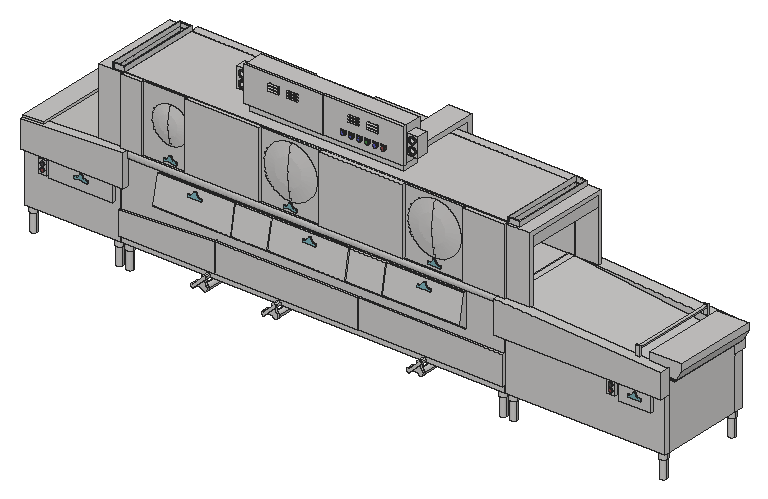
Revit family (continued)
Dimensions and locks (in)
  aligned and locked: plane 21 "Back of Main Body" to Extrusion 2 sketch curve
  aligned and locked: Extrusion 2 to plane 14 "Left of Bottom"
  aligned and locked: plane 3 "LEFT" to Extrusion 3 sketch curve
  aligned and locked: Extrusion 3 sketch curve to plane 22 "Front of Main Body"
  aligned and locked: Extrusion 3 sketch curve to plane 26
  aligned and locked: plane 32 "Front of Inside" to Extrusion 3 sketch curve
  aligned and locked: Extrusion 3 to plane 13 "Middle of Machine"
  aligned and locked: plane 32 "Front of Inside" to Extrusion 4 sketch curve
  aligned and locked: Extrusion 4 sketch curve to plane 28
  aligned and locked: plane 27 to Extrusion 4 sketch curve
  aligned and locked: Extrusion 4 sketch curve to plane 22 "Front of Main Body"
  aligned and locked: Extrusion 4 to plane 13 "Middle of Machine"
  aligned and locked: plane 32 "Front of Inside" to Extrusion 5 sketch curve
  aligned and locked: Extrusion 5 sketch curve to plane 22 "Front of Main Body"
  aligned and locked: Extrusion 5 sketch curve to plane 30
  aligned and locked: plane 29 to Extrusion 5 sketch curve
  aligned and locked: Extrusion 6 sketch curve to plane 4 "RIGHT"
  aligned and locked: plane 31 to Extrusion 6 sketch curve
  aligned and locked: plane 32 "Front of Inside" to Extrusion 6 sketch curve
  aligned and locked: Extrusion 6 sketch curve to plane 22 "Front of Main Body"
  aligned and locked: Extrusion 5 to plane 13 "Middle of Machine"
  aligned and locked: Extrusion 6 to plane 13 "Middle of Machine"
  aligned and locked: plane 3 "LEFT" to Extrusion 7 sketch curve
  aligned and locked: Extrusion 7 sketch curve to plane 34
  aligned and locked: plane 21 "Back of Main Body" to Extrusion 7 sketch curve
  aligned and locked: Extrusion 7 sketch curve to plane 33 "Back of Inside"
  aligned and locked: Extrusion 8 sketch curve to plane 4 "RIGHT"
  aligned and locked: plane 21 "Back of Main Body" to Extrusion 8 sketch curve
  aligned and locked: Extrusion 8 sketch curve to plane 33 "Back of Inside"
  aligned and locked: plane 35 to Extrusion 8 sketch curve
  aligned and locked: Extrusion 7 to plane 13 "Middle of Machine"
  aligned and locked: Extrusion 8 to plane 13 "Middle of Machine"
  aligned and locked: plane 32 "Front of Inside" to Extrusion 9 sketch curve
  aligned and locked: Extrusion 9 sketch curve to plane 27
  aligned and locked: plane 26 to Extrusion 9 sketch curve
  aligned and locked: plane 32 "Front of Inside" to Extrusion 10 sketch curve
  aligned and locked: plane 28 to Extrusion 10 sketch curve
  aligned and locked: Extrusion 10 sketch curve to plane 29
  aligned and locked: plane 32 "Front of Inside" to Extrusion 11 sketch curve
  aligned and locked: plane 30 to Extrusion 11 sketch curve
  aligned and locked: Extrusion 11 sketch curve to plane 31
  aligned and locked: Extrusion 9 to plane 13 "Middle of Machine"
  aligned and locked: Extrusion 10 to plane 13 "Middle of Machine"
  aligned and locked: Extrusion 11 to plane 13 "Middle of Machine"
  aligned and locked: plane 34 to Extrusion 12 sketch curve
  aligned and locked: Extrusion 12 sketch curve to plane 35
  aligned and locked: Extrusion 12 sketch curve to plane 33 "Back of Inside"
  aligned and locked: Extrusion 12 to plane 13 "Middle of Machine"
  aligned and locked: plane 40 to Extrusion 20
  aligned and locked: Extrusion 21 to plane 38
  aligned and locked: plane 39 to Extrusion 21
  aligned and locked: Extrusion 22 to plane 41
  aligned and locked: plane 3 "LEFT" to Extrusion 24 sketch curve
  aligned and locked: plane 20 to Extrusion 24 sketch curve
  aligned and locked: Extrusion 24 sketch curve to plane 42
  aligned and locked: Extrusion 25 sketch curve to plane 44
  aligned and locked: Extrusion 25 sketch curve to plane 19
  aligned and locked: plane 43 to Extrusion 25 sketch curve
  aligned and locked: plane 20 to Extrusion 25 sketch curve
  aligned and locked: Extrusion 26 sketch curve to plane 4 "RIGHT"
  aligned and locked: Extrusion 26 sketch curve to plane 19
  aligned and locked: plane 20 to Extrusion 26 sketch curve
  aligned and locked: plane 45 to Extrusion 26 sketch curve
  aligned and locked: plane 33 "Back of Inside" to Extrusion 27 sketch curve
  aligned and locked: plane 3 "LEFT" to Extrusion 27 sketch curve
  aligned and locked: Extrusion 27 sketch curve to plane 32 "Front of Inside"
  aligned and locked: Extrusion 27 sketch curve to plane 4 "RIGHT"
  aligned and locked: Extrusion 27 to plane 46
  aligned and locked: plane 13 "Middle of Machine" to Extrusion 28 sketch curve  (x2)
  aligned and locked: Extrusion 28 sketch curve to plane 10 "Top of Machine"
  aligned and locked: Extrusion 28 to plane 8 "Load Vent"
  aligned and locked: plane 49 to Extrusion 29 sketch curve
  aligned and locked: Extrusion 29 sketch curve to plane 48
  aligned and locked: plane 47 to Extrusion 29
  aligned and locked: Extrusion 30 sketch curve to Extrusion 28
  aligned and locked: Extrusion 30 sketch curve to plane 46
  aligned and locked: Extrusion 31 sketch curve to Extrusion 29
  aligned and locked: Extrusion 29 to Extrusion 31 sketch curve
  aligned and locked: Extrusion 32 to Extrusion 34 sketch curve
  aligned and locked: plane 9 "Unload Vent" to Extrusion 32
  aligned and locked: plane 50 to Extrusion 33 sketch curve
  aligned and locked: Extrusion 33 sketch curve to plane 51
  aligned and locked: plane 47 to Extrusion 33
  aligned and locked: plane 46 to Extrusion 34 sketch curve
  aligned and locked: Extrusion 33 to Extrusion 35 sketch curve
  aligned and locked: Extrusion 35 sketch curve to Extrusion 33
  aligned and locked: plane 15 "Right of Bottom" to Extrusion 2
  aligned and locked: plane 52 to Extrusion 44 sketch curve
  aligned and locked: Extrusion 44 sketch curve to plane 14 "Left of Bottom"
  aligned and locked: plane 52 to Extrusion 45 sketch curve
  aligned and locked: Extrusion 45 sketch curve to plane 14 "Left of Bottom"
  aligned and locked: Extrusion 46 sketch curve to plane 53
  aligned and locked: plane 11 "Table Height" to Extrusion 46 sketch curve
  aligned and locked: plane 52 to Extrusion 46 sketch curve
  aligned and locked: plane 32 "Front of Inside" to Extrusion 46
  aligned and locked: Extrusion 47 sketch curve to plane 54
  aligned and locked: plane 52 to Extrusion 47 sketch curve
  aligned and locked: Extrusion 48 sketch curve to plane 54
  aligned and locked: plane 52 to Extrusion 48 sketch curve
  aligned and locked: plane 52 to Extrusion 49 sketch curve
  aligned and locked: Extrusion 49 sketch curve to plane 14 "Left of Bottom"
  aligned and locked: Extrusion 49 sketch curve to plane 13 "Middle of Machine"
  aligned and locked: Extrusion 49 sketch curve to plane 12 "Bottom of Machine"
  aligned and locked: plane 3 "LEFT" to Extrusion 49 sketch curve
  aligned and locked: plane 52 to Extrusion 50 sketch curve
  aligned and locked: plane 55 to Extrusion 50 sketch curve
  aligned and locked: plane 52 to Extrusion 51 sketch curve
  aligned and locked: plane 12 "Bottom of Machine" to Extrusion 51 sketch curve
  aligned and locked: Extrusion 51 sketch curve to plane 3 "LEFT"
  aligned and locked: plane 22 "Front of Main Body" to Extrusion 51
  aligned and locked: plane 32 "Front of Inside" to Extrusion 49
  aligned and locked: plane 52 to Extrusion 52 sketch curve
  aligned and locked: plane 12 "Bottom of Machine" to Extrusion 52 sketch curve
  aligned and locked: Extrusion 52 sketch curve to plane 3 "LEFT"
  aligned and locked: Extrusion 52 to plane 21 "Back of Main Body"
  aligned and locked: plane 56 to Extrusion 44 sketch curve
  aligned and locked: plane 56 to Extrusion 45 sketch curve
  aligned and locked: Extrusion 51 sketch curve to plane 56
  aligned and locked: Extrusion 52 sketch curve to plane 56
  aligned and locked: Extrusion 53 to plane 22 "Front of Main Body"
  aligned and locked: plane 62 to Extrusion 55 sketch curve
  aligned and locked: Extrusion 55 sketch curve to plane 61
  aligned and locked: Extrusion 53 to plane 59
  aligned and locked: plane 60 to Extrusion 53
  aligned and locked: plane 13 "Middle of Machine" to Extrusion 62 sketch curve
  aligned and locked: Extrusion 62 sketch curve to plane 15 "Right of Bottom"
  aligned and locked: Extrusion 62 sketch curve to plane 56
  aligned and locked: plane 4 "RIGHT" to Extrusion 62 sketch curve
  aligned and locked: plane 12 "Bottom of Machine" to Extrusion 62 sketch curve
  aligned and locked: plane 63 to Extrusion 62 sketch curve
  aligned and locked: plane 63 to Extrusion 61 sketch curve
  aligned and locked: Extrusion 61 sketch curve to plane 64
  aligned and locked: Extrusion 60 sketch curve to plane 65
  aligned and locked: plane 63 to Extrusion 60 sketch curve
  aligned and locked: Extrusion 60 sketch curve to plane 11 "Table Height"
  aligned and locked: Extrusion 58 sketch curve to plane 15 "Right of Bottom"
  aligned and locked: Extrusion 58 sketch curve to plane 56
  aligned and locked: plane 63 to Extrusion 58 sketch curve
  aligned and locked: Extrusion 59 sketch curve to plane 15 "Right of Bottom"
  aligned and locked: Extrusion 59 sketch curve to plane 56
  aligned and locked: plane 63 to Extrusion 59 sketch curve
  aligned and locked: Extrusion 63 sketch curve to plane 4 "RIGHT"
  aligned and locked: plane 56 to Extrusion 63 sketch curve
  aligned and locked: Extrusion 63 sketch curve to plane 12 "Bottom of Machine"
  aligned and locked: plane 63 to Extrusion 63 sketch curve
  aligned and locked: Extrusion 64 sketch curve to plane 4 "RIGHT"
  aligned and locked: plane 56 to Extrusion 64 sketch curve
  aligned and locked: plane 63 to Extrusion 64 sketch curve
  aligned and locked: Extrusion 64 sketch curve to plane 12 "Bottom of Machine"
  aligned and locked: plane 13 "Middle of Machine" to Extrusion 65 sketch curve
  aligned and locked: Extrusion 65 sketch curve to plane 67
  aligned and locked: Extrusion 65 sketch curve to plane 66
  aligned and locked: plane 32 "Front of Inside" to Extrusion 65
  aligned and locked: plane 32 "Front of Inside" to Extrusion 68
  aligned and locked: Extrusion 69 sketch curve to plane 57
  aligned and locked: plane 58 to Extrusion 69 sketch curve
  aligned and locked: plane 70 to Extrusion 69 sketch curve
  aligned and locked: Extrusion 69 sketch curve to plane 69
  aligned and locked: plane 72 to Extrusion 71 sketch curve
  aligned and locked: Extrusion 71 sketch curve to plane 71
  aligned and locked: Extrusion 71 sketch curve to plane 57
  aligned and locked: Extrusion 75 to Extrusion 74
  aligned and locked: plane 12 "Bottom of Machine" to Extrusion 75
  aligned and locked: Extrusion 77 to Extrusion 76
  aligned and locked: Extrusion 79 to Extrusion 78
  aligned and locked: Extrusion 81 to Extrusion 80
  aligned and locked: Extrusion 82 to Extrusion 83
  aligned and locked: Extrusion 84 to Extrusion 85
  aligned and locked: Extrusion 87 to Extrusion 86
  aligned and locked: Extrusion 89 to Extrusion 88
  aligned and locked: Extrusion 90 to Extrusion 91
  aligned and locked: Extrusion 92 to Extrusion 93
  aligned and locked: Extrusion 95 to Extrusion 94
  aligned and locked: Extrusion 97 to Extrusion 96
  aligned and locked: plane 74 to Extrusion 98 sketch curve
  aligned and locked: Extrusion 98 sketch curve to plane 73
  aligned and locked: Extrusion 98 sketch curve to plane 76
  aligned and locked: plane 75 to Extrusion 98 sketch curve
  aligned and locked: plane 88 "Back of Elec Box" to Extrusion 99 sketch curve
  aligned and locked: Extrusion 99 sketch curve to plane 89
  aligned and locked: plane 93 to Extrusion 99 sketch curve
  aligned and locked: Extrusion 99 sketch curve to plane 94 "Right of Control Box"
  aligned and locked: Extrusion 99 to plane 77
  aligned and locked: plane 92 to Extrusion 99
  aligned and locked: plane 84 to Extrusion 100 sketch curve
  aligned and locked: Extrusion 100 sketch curve to plane 90 "Front of Panel"
  aligned and locked: Extrusion 100 sketch curve to plane 82
  aligned and locked: plane 83 to Extrusion 101 sketch curve
  aligned and locked: Extrusion 101 sketch curve to plane 90 "Front of Panel"
  aligned and locked: plane 89 to Extrusion 101 sketch curve
  aligned and locked: Extrusion 101 sketch curve to plane 85
  aligned and locked: Extrusion 101 to plane 91
  aligned and locked: Extrusion 100 to plane 91
  aligned and locked: plane 80 to Extrusion 100
  aligned and locked: plane 80 to Extrusion 101
  aligned and locked: plane 96 to Extrusion 102 sketch curve
  aligned and locked: Extrusion 102 sketch curve to plane 93
  aligned and locked: Extrusion 102 sketch curve to plane 95 "Front of LR Panels"
  aligned and locked: plane 87 to Extrusion 102 sketch curve
  aligned and locked: plane 94 "Right of Control Box" to Extrusion 103 sketch curve
  aligned and locked: Extrusion 103 sketch curve to plane 95 "Front of LR Panels"
  aligned and locked: Extrusion 103 sketch curve to plane 86
  aligned and locked: plane 96 to Extrusion 103 sketch curve
  aligned and locked: plane 79 to Extrusion 102
  aligned and locked: plane 79 to Extrusion 103
  aligned and locked: Extrusion 102 to plane 78
  aligned and locked: Extrusion 103 to plane 78
  aligned and locked: Extrusion 105 sketch curve to Extrusion 104  (x2)
  aligned and locked: Extrusion 113 sketch curve to Extrusion 112  (x2)
  aligned and locked: Extrusion 115 sketch curve to Extrusion 114  (x2)
  aligned and locked: Extrusion 117 sketch curve to Extrusion 116  (x2)
  aligned and locked: Extrusion 132 to plane 98 "Left Drain"
  aligned and locked: plane 99 "Right Drain" to Extrusion 132
  aligned and locked: Extrusion 133 sketch curve to Extrusion 132  (x2)
  aligned and locked: Extrusion 134 sketch curve to Extrusion 132  (x2)
  aligned and locked: plane 51 to nested 1
  aligned and locked: plane 33 "Back of Inside" to nested 1
  aligned and locked: Extrusion 150 sketch curve to Extrusion 149  (x2)
  aligned and locked: Extrusion 158 sketch curve to Extrusion 157  (x2)
  aligned and locked: Extrusion 160 sketch curve to Extrusion 159  (x2)
  aligned and locked: Extrusion 162 sketch curve to Extrusion 161  (x2)
  aligned and locked: plane 106 to Extrusion 186 sketch curve
  aligned and locked: Extrusion 186 sketch curve to plane 107
  aligned and locked: Extrusion 186 sketch curve to plane 22 "Front of Main Body"
  aligned and locked: plane 109 to Extrusion 187 sketch curve
  aligned and locked: Extrusion 187 sketch curve to plane 110
  aligned and locked: Extrusion 187 sketch curve to plane 22 "Front of Main Body"
  aligned and locked: plane 111 to Extrusion 188 sketch curve
  aligned and locked: Extrusion 188 sketch curve to plane 112
  aligned and locked: Extrusion 188 sketch curve to plane 22 "Front of Main Body"
  aligned and locked: plane 115 to Extrusion 189 sketch curve
  aligned and locked: Extrusion 189 sketch curve to plane 116
  aligned and locked: Extrusion 189 sketch curve to plane 22 "Front of Main Body"
  aligned and locked: plane 117 to Extrusion 190 sketch curve
  aligned and locked: Extrusion 190 sketch curve to plane 118
  aligned and locked: Extrusion 190 sketch curve to plane 22 "Front of Main Body"
  aligned and locked: Extrusion 186 to plane 13 "Middle of Machine"
  aligned and locked: Extrusion 187 to plane 13 "Middle of Machine"
  aligned and locked: Extrusion 188 to plane 13 "Middle of Machine"
  aligned and locked: Extrusion 189 to plane 13 "Middle of Machine"
  aligned and locked: Extrusion 190 to plane 13 "Middle of Machine"
  aligned and locked: plane 26 to curve 87
  aligned and locked: curve 89 to plane 28
  aligned and locked: curve 97 to plane 29
  aligned and locked: plane 30 to curve 105
  aligned and locked: plane 31 to curve 107
  aligned and locked: plane 26 to Extrusion 206 sketch curve
  aligned and locked: Extrusion 206 sketch curve to plane 27
  aligned and locked: Extrusion 206 sketch curve to plane 22 "Front of Main Body"
  aligned and locked: plane 28 to Extrusion 207 sketch curve
  aligned and locked: Extrusion 207 sketch curve to plane 29
  aligned and locked: Extrusion 207 sketch curve to plane 22 "Front of Main Body"
  aligned and locked: Extrusion 208 sketch curve to plane 22 "Front of Main Body"
  aligned and locked: plane 30 to Extrusion 208 sketch curve
  aligned and locked: Extrusion 208 sketch curve to plane 31
  aligned and locked: Extrusion 19 to plane 36
  aligned and locked: plane 37 to Extrusion 19
  aligned and locked: Extrusion 20 to plane 123
  aligned and locked: plane 123 to curve 46
  aligned and locked: plane 126 to Extrusion 23
  aligned and locked: plane 124 to curve 37
  aligned and locked: curve 38 to plane 125
  aligned and locked: curve 35 to plane 126
Automatic sketch dimensions
  Extrusion 19 sketch curve to Extrusion 19 sketch curve = 0' - 1"
  Extrusion 20 sketch curve to Extrusion 20 sketch curve = 0' - 1"
  Extrusion 21 sketch curve to Extrusion 21 sketch curve = 0' - 1"
  Extrusion 22 sketch curve to Extrusion 22 sketch curve = 0' - 1"
  Extrusion 23 sketch curve to Extrusion 23 sketch curve = 0' - 1"
  Extrusion 19 sketch curve to Extrusion 19 sketch curve = 0' - 2"
  Extrusion 19 sketch curve to Extrusion 19 sketch curve = 0' - 2 5/16"
  Extrusion 19 sketch curve to Extrusion 19 sketch curve = 0' - 10 1/4"
  Extrusion 20 sketch curve to Extrusion 20 sketch curve = 0' - 2"
  Extrusion 20 sketch curve to Extrusion 20 sketch curve = 0' - 2 5/16"
  Extrusion 20 sketch curve to Extrusion 20 sketch curve = 0' - 10 1/4"
  Extrusion 21 sketch curve to Extrusion 21 sketch curve = 0' - 2"
  Extrusion 21 sketch curve to Extrusion 21 sketch curve = 0' - 2 5/16"
  Extrusion 21 sketch curve to Extrusion 21 sketch curve = 0' - 10 1/4"
  Extrusion 22 sketch curve to Extrusion 22 sketch curve = 0' - 2"
  Extrusion 22 sketch curve to Extrusion 22 sketch curve = 0' - 2 5/16"
  Extrusion 22 sketch curve to Extrusion 22 sketch curve = 0' - 10 1/4"
  Extrusion 23 sketch curve to Extrusion 23 sketch curve = 0' - 2"
  Extrusion 23 sketch curve to Extrusion 23 sketch curve = 0' - 2 5/16"
  Extrusion 23 sketch curve to Extrusion 23 sketch curve = 0' - 10 1/4"
  Extrusion 38 sketch curve to Extrusion 38 sketch curve = 0' - 1"
  Extrusion 39 sketch curve to Extrusion 39 sketch curve = 0' - 1"
  Extrusion 40 sketch curve to Extrusion 40 sketch curve = 0' - 1"
  Extrusion 41 sketch curve to Extrusion 41 sketch curve = 0' - 1"
  Extrusion 42 sketch curve to Extrusion 42 sketch curve = 0' - 1"
  Extrusion 38 sketch curve to Extrusion 38 sketch curve = 0' - 2"
  Extrusion 38 sketch curve to Extrusion 38 sketch curve = 0' - 2 5/16"
  Extrusion 38 sketch curve to Extrusion 38 sketch curve = 0' - 10 1/4"
  Extrusion 39 sketch curve to Extrusion 39 sketch curve = 0' - 2"
  Extrusion 39 sketch curve to Extrusion 39 sketch curve = 0' - 2 5/16"
  Extrusion 39 sketch curve to Extrusion 39 sketch curve = 0' - 10 1/4"
  Extrusion 40 sketch curve to Extrusion 40 sketch curve = 0' - 2"
  Extrusion 40 sketch curve to Extrusion 40 sketch curve = 0' - 2 5/16"
  Extrusion 40 sketch curve to Extrusion 40 sketch curve = 0' - 10 1/4"
  Extrusion 41 sketch curve to Extrusion 41 sketch curve = 0' - 2"
  Extrusion 41 sketch curve to Extrusion 41 sketch curve = 0' - 2 5/16"
  Extrusion 41 sketch curve to Extrusion 41 sketch curve = 0' - 10 1/4"
  Extrusion 42 sketch curve to Extrusion 42 sketch curve = 0' - 2"
  Extrusion 42 sketch curve to Extrusion 42 sketch curve = 0' - 2 5/16"
  Extrusion 42 sketch curve to Extrusion 42 sketch curve = 0' - 10 1/4"
  Extrusion 104 sketch curve to Extrusion 104 sketch curve = 0' - 0"  (x4)
  Extrusion 106 sketch curve to Extrusion 106 sketch curve = 0' - 1"  (x5)
  Extrusion 106 sketch curve to Extrusion 106 sketch curve = 0' - 2"  (x6)
  Extrusion 106 sketch curve to Extrusion 106 sketch curve = 0' - 0"  (x5)
  Extrusion 106 sketch curve to Extrusion 106 sketch curve = 0' - 0 1/4"  (x6)
  Extrusion 111 sketch curve to Extrusion 111 sketch curve = 0' - 1 1/2"  (x5)
  Extrusion 111 sketch curve to Extrusion 111 sketch curve = 0' - 0 3/4"  (x6)
  Extrusion 111 sketch curve to Extrusion 111 sketch curve = 0' - 0 7/8"  (x6)
  Extrusion 112 sketch curve to Extrusion 112 sketch curve = 0' - 0"  (x4)
  Extrusion 114 sketch curve to Extrusion 114 sketch curve = 0' - 0"  (x4)
  Extrusion 116 sketch curve to Extrusion 116 sketch curve = 0' - 0"  (x4)
  Extrusion 120 sketch curve to Extrusion 120 sketch curve = 0' - 0 5/8"
  Extrusion 121 sketch curve to Extrusion 121 sketch curve = 0' - 0 5/8"
  Extrusion 122 sketch curve to Extrusion 122 sketch curve = 0' - 0 5/8"
  Extrusion 123 sketch curve to Extrusion 123 sketch curve = 0' - 0 5/8"
  Extrusion 124 sketch curve to Extrusion 124 sketch curve = 0' - 0 5/8"
  Extrusion 125 sketch curve to Extrusion 125 sketch curve = 0' - 0 5/8"
  Extrusion 126 sketch curve to Extrusion 126 sketch curve = 0' - 0 5/8"
  Extrusion 127 sketch curve to Extrusion 127 sketch curve = 0' - 0 5/8"
  Extrusion 128 sketch curve to Extrusion 128 sketch curve = 0' - 0 5/8"
  Extrusion 129 sketch curve to Extrusion 129 sketch curve = 0' - 0 5/8"
  Extrusion 130 sketch curve to Extrusion 130 sketch curve = 0' - 0 5/8"
  Extrusion 131 sketch curve to Extrusion 131 sketch curve = 0' - 0 5/8"
  Extrusion 138 sketch curve to Extrusion 138 sketch curve = 0' - 0"  (x4)
  Extrusion 139 sketch curve to Extrusion 139 sketch curve = 0' - 0"  (x4)
  Extrusion 140 sketch curve to Extrusion 140 sketch curve = 0' - 1 5/8"  (x2)
  Extrusion 140 sketch curve to Extrusion 140 sketch curve = 0' - 1 1/8"
  Extrusion 141 sketch curve to Extrusion 141 sketch curve = 0' - 0 1/2"  (x7)
  Extrusion 141 sketch curve to Extrusion 141 sketch curve = 0' - 0 1/4"  (x4)
  Extrusion 141 sketch curve to Extrusion 141 sketch curve = 0' - 4 1/2"
  Extrusion 142 sketch curve to Extrusion 142 sketch curve = 0' - 1 5/8"  (x2)
  Extrusion 142 sketch curve to Extrusion 142 sketch curve = 0' - 1 1/8"
  Extrusion 143 sketch curve to Extrusion 143 sketch curve = 0' - 0"  (x4)
  Extrusion 144 sketch curve to Extrusion 144 sketch curve = 0' - 0 1/2"  (x7)
  Extrusion 144 sketch curve to Extrusion 144 sketch curve = 0' - 0 1/4"  (x4)
  Extrusion 144 sketch curve to Extrusion 144 sketch curve = 0' - 4 1/2"
  Extrusion 145 sketch curve to Extrusion 145 sketch curve = 0' - 1 5/8"  (x2)
  Extrusion 145 sketch curve to Extrusion 145 sketch curve = 0' - 1 1/8"
  Extrusion 146 sketch curve to Extrusion 146 sketch curve = 0' - 0 1/2"  (x9)
  Extrusion 146 sketch curve to Extrusion 146 sketch curve = 0' - 0 1/4"  (x2)
  Extrusion 146 sketch curve to Extrusion 146 sketch curve = 0' - 4 1/2"
  Extrusion 111 sketch curve to Extrusion 111 sketch curve = 0' - 0"  (x5)
  Extrusion 120 sketch curve to Extrusion 120 sketch curve = 0' - 2 3/4"
  Extrusion 121 sketch curve to Extrusion 121 sketch curve = 0' - 2 3/4"
  Extrusion 122 sketch curve to Extrusion 122 sketch curve = 0' - 2 3/4"
  Extrusion 123 sketch curve to Extrusion 123 sketch curve = 0' - 2 3/4"
  Extrusion 124 sketch curve to Extrusion 124 sketch curve = 0' - 2 3/4"
  Extrusion 125 sketch curve to Extrusion 125 sketch curve = 0' - 2 3/4"
  Extrusion 126 sketch curve to Extrusion 126 sketch curve = 0' - 2 3/4"
  Extrusion 127 sketch curve to Extrusion 127 sketch curve = 0' - 2 3/4"
  Extrusion 128 sketch curve to Extrusion 128 sketch curve = 0' - 2 3/4"
  Extrusion 129 sketch curve to Extrusion 129 sketch curve = 0' - 2 3/4"
  Extrusion 130 sketch curve to Extrusion 130 sketch curve = 0' - 2 3/4"
  Extrusion 131 sketch curve to Extrusion 131 sketch curve = 0' - 2 3/4"
  Extrusion 149 sketch curve to Extrusion 149 sketch curve = 0' - 0"  (x4)
  Extrusion 151 sketch curve to Extrusion 151 sketch curve = 0' - 1"  (x5)
  Extrusion 151 sketch curve to Extrusion 151 sketch curve = 0' - 2"  (x6)
  Extrusion 151 sketch curve to Extrusion 151 sketch curve = 0' - 0"  (x5)
  Extrusion 151 sketch curve to Extrusion 151 sketch curve = 0' - 0 1/4"  (x6)
  Extrusion 156 sketch curve to Extrusion 156 sketch curve = 0' - 1 1/2"  (x5)
  Extrusion 156 sketch curve to Extrusion 156 sketch curve = 0' - 0 3/4"  (x6)
  Extrusion 156 sketch curve to Extrusion 156 sketch curve = 0' - 0 7/8"  (x6)
  Extrusion 157 sketch curve to Extrusion 157 sketch curve = 0' - 0"  (x4)
  Extrusion 159 sketch curve to Extrusion 159 sketch curve = 0' - 0"  (x4)
  Extrusion 161 sketch curve to Extrusion 161 sketch curve = 0' - 0"  (x4)
  Extrusion 165 sketch curve to Extrusion 165 sketch curve = 0' - 0 5/8"
  Extrusion 166 sketch curve to Extrusion 166 sketch curve = 0' - 0 5/8"
  Extrusion 167 sketch curve to Extrusion 167 sketch curve = 0' - 0 5/8"
  Extrusion 168 sketch curve to Extrusion 168 sketch curve = 0' - 0 5/8"
  Extrusion 169 sketch curve to Extrusion 169 sketch curve = 0' - 0 5/8"
  Extrusion 170 sketch curve to Extrusion 170 sketch curve = 0' - 0 5/8"
  Extrusion 171 sketch curve to Extrusion 171 sketch curve = 0' - 0 5/8"
  Extrusion 172 sketch curve to Extrusion 172 sketch curve = 0' - 0 5/8"
  Extrusion 173 sketch curve to Extrusion 173 sketch curve = 0' - 0 5/8"
  Extrusion 174 sketch curve to Extrusion 174 sketch curve = 0' - 0 5/8"
  Extrusion 175 sketch curve to Extrusion 175 sketch curve = 0' - 0 5/8"
  Extrusion 176 sketch curve to Extrusion 176 sketch curve = 0' - 0 5/8"
  Extrusion 156 sketch curve to Extrusion 156 sketch curve = 0' - 0"  (x5)
  Extrusion 165 sketch curve to Extrusion 165 sketch curve = 0' - 2 3/4"
  Extrusion 166 sketch curve to Extrusion 166 sketch curve = 0' - 2 3/4"
  Extrusion 167 sketch curve to Extrusion 167 sketch curve = 0' - 2 3/4"
  Extrusion 168 sketch curve to Extrusion 168 sketch curve = 0' - 2 3/4"
  Extrusion 169 sketch curve to Extrusion 169 sketch curve = 0' - 2 3/4"
  Extrusion 170 sketch curve to Extrusion 170 sketch curve = 0' - 2 3/4"
  Extrusion 171 sketch curve to Extrusion 171 sketch curve = 0' - 2 3/4"
  Extrusion 172 sketch curve to Extrusion 172 sketch curve = 0' - 2 3/4"
  Extrusion 173 sketch curve to Extrusion 173 sketch curve = 0' - 2 3/4"
  Extrusion 174 sketch curve to Extrusion 174 sketch curve = 0' - 2 3/4"
  Extrusion 175 sketch curve to Extrusion 175 sketch curve = 0' - 2 3/4"
  Extrusion 176 sketch curve to Extrusion 176 sketch curve = 0' - 2 3/4"
  Extrusion 140 sketch curve to Extrusion 140 sketch curve = 0' - 0.12054"
  Extrusion 142 sketch curve to Extrusion 142 sketch curve = 0' - 0.12054"
  Extrusion 145 sketch curve to Extrusion 145 sketch curve = 0' - 0.12054"
  Extrusion 177 sketch curve to Extrusion 177 sketch curve = 0' - 0"  (x4)
  Extrusion 178 sketch curve to Extrusion 178 sketch curve = 0' - 0"  (x4)
  Extrusion 179 sketch curve to Extrusion 179 sketch curve = 0' - 1 5/8"  (x2)
  Extrusion 179 sketch curve to Extrusion 179 sketch curve = 0' - 1 1/8"
  Extrusion 180 sketch curve to Extrusion 180 sketch curve = 0' - 0 1/2"  (x7)
  Extrusion 180 sketch curve to Extrusion 180 sketch curve = 0' - 0 1/4"  (x4)
  Extrusion 180 sketch curve to Extrusion 180 sketch curve = 0' - 4 1/2"
  Extrusion 181 sketch curve to Extrusion 181 sketch curve = 0' - 1 5/8"  (x2)
  Extrusion 181 sketch curve to Extrusion 181 sketch curve = 0' - 1 1/8"
  Extrusion 182 sketch curve to Extrusion 182 sketch curve = 0' - 0"  (x4)
  Extrusion 183 sketch curve to Extrusion 183 sketch curve = 0' - 0 1/2"  (x7)
  Extrusion 183 sketch curve to Extrusion 183 sketch curve = 0' - 0 1/4"  (x4)
  Extrusion 183 sketch curve to Extrusion 183 sketch curve = 0' - 4 1/2"
  Extrusion 184 sketch curve to Extrusion 184 sketch curve = 0' - 1 5/8"  (x2)
  Extrusion 184 sketch curve to Extrusion 184 sketch curve = 0' - 1 1/8"
  Extrusion 185 sketch curve to Extrusion 185 sketch curve = 0' - 0 1/2"  (x9)
  Extrusion 185 sketch curve to Extrusion 185 sketch curve = 0' - 0 1/4"  (x2)
  Extrusion 185 sketch curve to Extrusion 185 sketch curve = 0' - 4 1/2"
  Extrusion 179 sketch curve to Extrusion 179 sketch curve = 0' - 0.12054"
  Extrusion 181 sketch curve to Extrusion 181 sketch curve = 0' - 0.12054"
  Extrusion 184 sketch curve to Extrusion 184 sketch curve = 0' - 0.12054"
  Extrusion 1 sketch curve to plane 56 = 0' - 0"  (x2)
  Extrusion 24 sketch curve to plane 19 = 0' - 0"
  Extrusion 24 sketch curve to plane 58 = 0' - 1 5/8"
  Extrusion 46 sketch curve to plane 11 "Table Height" = 0' - 0 1/8"
  Extrusion 47 sketch curve to plane 11 "Table Height" = 0' - 1 1/2"
  Extrusion 47 sketch curve to plane 11 "Table Height" = 0' - 0 1/8"
  Extrusion 48 sketch curve to plane 57 = 0' - 0"
  Extrusion 48 sketch curve to plane 11 "Table Height" = 0' - 2"
  Extrusion 49 sketch curve to plane 3 "LEFT" = 0' - 0"
  Extrusion 49 sketch curve to plane 56 = 0' - 0"
  Extrusion 49 sketch curve to plane 11 "Table Height" = 0' - 0"
  Extrusion 55 sketch curve to plane 19 = 0' - 0"
  Extrusion 55 sketch curve to plane 57 = 0' - 0 3/4"
  plane 18 to Extrusion 56 sketch curve = 0' - 1 1/4"
  Extrusion 57 sketch curve to plane 18 = 0' - 0 3/4"
  plane 11 "Table Height" to Extrusion 60 sketch curve = 0' - 0 1/8"
  plane 11 "Table Height" to Extrusion 61 sketch curve = 0' - 1 1/2"
  plane 11 "Table Height" to Extrusion 61 sketch curve = 0' - 0 1/8"
  Extrusion 62 sketch curve to plane 4 "RIGHT" = 0' - 0"
  Extrusion 62 sketch curve to plane 11 "Table Height" = 0' - 0"
  Extrusion 65 sketch curve to plane 16 = 0' - 0"
  plane 65 to Extrusion 65 sketch curve = 0' - 0 1/2"
  plane 11 "Table Height" to Extrusion 65 sketch curve = 0' - 0 1/2"
  Extrusion 70 sketch curve to Extrusion 70 sketch curve = 0' - 0.25142"  (x2)
  Extrusion 70 sketch curve to Extrusion 70 sketch curve = 0' - 0.25483"  (x2)
  Extrusion 70 sketch curve to plane 67 = 0' - 1.55729"
  plane 18 to Extrusion 70 sketch curve = 0' - 0.09419"  (x2)
  plane 68 to Extrusion 70 sketch curve = 0' - 1.11091"
  plane 68 to Extrusion 70 sketch curve = 0' - 0.91934"
  Extrusion 70 sketch curve to Extrusion 70 sketch curve = 0' - 0.41934"
  plane 68 to Extrusion 70 sketch curve = 0' - 0.49965"
  plane 68 to Extrusion 70 sketch curve = 0' - 0.07504"
  Extrusion 70 sketch curve to Extrusion 70 sketch curve = 0' - 0"
  Extrusion 70 sketch curve to plane 68 = 0' - 1.44342"
  plane 18 to Extrusion 70 sketch curve = 0' - 0.01096"  (x2)
  plane 20 to Extrusion 70 sketch curve = 0' - 1.10977"
  Extrusion 70 sketch curve to Extrusion 70 sketch curve = 0' - 0.48493"  (x2)
  Extrusion 70 sketch curve to plane 57 = 0' - 1.43719"
  Extrusion 72 sketch curve to plane 57 = 0' - 1 1/2"
  Extrusion 73 sketch curve to plane 18 = 0' - 0"
  plane 89 to Extrusion 100 sketch curve = 0' - 0"
  Extrusion 132 sketch curve to Extrusion 132 sketch curve = 0' - 0"  (x2)
  Extrusion 132 sketch curve to plane 97 "Drain" = 0' - 0"
  Extrusion 132 sketch curve to plane 100 "Drain CL" = 0' - 0"
  plane 1 "BACK" to curve 131 = 1' - 4.45294"
  curve 131 to curve 130 = 0' - 2.49439"
  curve 131 to curve 130 = 0' - 4.98878"
  plane 53 to curve 129 = 8' - 4.36265"
  curve 130 to curve 130 = 0' - 4 1/2"
  curve 131 to curve 130 = 0' - 0"
  curve 130 to curve 129 = 2' - 0 1/2"
  Extrusion 2 sketch curve to plane 22 "Front of Main Body" = 0' - 0"  (x2)
  plane 32 "Front of Inside" to Extrusion 2 sketch curve = 0' - 0.18875"
  Extrusion 9 sketch curve to plane 22 "Front of Main Body" = 0' - 0 3/4"
  Extrusion 10 sketch curve to plane 22 "Front of Main Body" = 0' - 0 3/4"
  Extrusion 11 sketch curve to plane 22 "Front of Main Body" = 0' - 0 3/4"
  plane 21 "Back of Main Body" to Extrusion 12 sketch curve = 0' - 1"
  plane 5 "FRONT" to Revolve 13 sketch curve = 0' - 8"
  plane 22 "Front of Main Body" to Revolve 13 sketch curve = 0' - 0 1/4"
  Revolve 13 sketch curve to plane 22 "Front of Main Body" = 0' - 0 3/4"
  plane 96 to Revolve 13 sketch curve = 0' - 1 1/4"
  Revolve 13 sketch curve to plane 1 "BACK" = 0' - 8.74935"
  Revolve 13 sketch curve to plane 46 = 0' - 5.75174"  (x2)
  Revolve 13 sketch curve to plane 46 = 0' - 5.50167"
  plane 5 "FRONT" to Revolve 14 sketch curve = 0' - 8"
  plane 22 "Front of Main Body" to Revolve 14 sketch curve = 0' - 0 1/4"
  Revolve 14 sketch curve to plane 22 "Front of Main Body" = 0' - 0 3/4"
  plane 96 to Revolve 14 sketch curve = 0' - 1 1/4"
  Revolve 14 sketch curve to plane 1 "BACK" = 0' - 8.74935"
  Revolve 14 sketch curve to plane 46 = 0' - 5.75174"  (x2)
  Revolve 14 sketch curve to plane 46 = 0' - 5.50167"
  Extrusion 15 sketch curve to plane 25 = 0' - 0"
  plane 25 to Extrusion 15 sketch curve = 0' - 0.00035"
  plane 117 to Extrusion 15 sketch curve = 0' - 0.35719"
  plane 117 to Extrusion 15 sketch curve = 0' - 0.54876"
  plane 119 to Extrusion 15 sketch curve = 0' - 0.50556"
  plane 119 to Extrusion 15 sketch curve = 0' - 0.8056"
  Extrusion 15 sketch curve to Extrusion 15 sketch curve = 0' - 0.00341"  (x2)
  Extrusion 15 sketch curve to Extrusion 15 sketch curve = 0' - 0.25142"  (x2)
  Extrusion 15 sketch curve to plane 116 = 0' - 0.36211"
  Extrusion 15 sketch curve to Extrusion 15 sketch curve = 0' - 0"
  Extrusion 15 sketch curve to plane 116 = 0' - 0.54876"
  Extrusion 15 sketch curve to plane 120 = 0' - 0.50556"
  Extrusion 15 sketch curve to plane 120 = 0' - 0.8056"
  plane 56 to Extrusion 15 sketch curve = 0' - 1.17016"
  plane 13 "Middle of Machine" to Extrusion 15 sketch curve = 0' - 0.94635"  (x2)
  plane 13 "Middle of Machine" to Extrusion 15 sketch curve = 0' - 1.02958"
  Extrusion 15 sketch curve to Extrusion 15 sketch curve = 0' - 0.48493"  (x2)
  Extrusion 15 sketch curve to Extrusion 15 sketch curve = 0' - 1.96861"
  Extrusion 16 sketch curve to plane 23 = 0' - 0"
  plane 23 to Extrusion 16 sketch curve = 0' - 0.00035"
  plane 23 to Extrusion 16 sketch curve = 0' - 0.41969"
  plane 23 to Extrusion 16 sketch curve = 0' - 0.61126"
  Extrusion 16 sketch curve to Extrusion 16 sketch curve = 0' - 1.52338"
  plane 13 "Middle of Machine" to Extrusion 16 sketch curve = 0' - 0.94635"  (x2)
  Extrusion 16 sketch curve to Extrusion 16 sketch curve = 0' - 1.63184"
  Extrusion 16 sketch curve to Extrusion 16 sketch curve = 0' - 0.00341"  (x2)
  Extrusion 16 sketch curve to Extrusion 16 sketch curve = 0' - 0.25142"  (x2)
  Extrusion 16 sketch curve to plane 23 = 0' - 0.42461"
  Extrusion 16 sketch curve to Extrusion 16 sketch curve = 0' - 0"
  Extrusion 16 sketch curve to plane 23 = 0' - 0.61126"
  plane 36 to Extrusion 16 sketch curve = 0' - 1.55694"
  plane 36 to Extrusion 16 sketch curve = 0' - 1.2569"
  plane 56 to Extrusion 16 sketch curve = 0' - 1.17016"
  plane 13 "Middle of Machine" to Extrusion 16 sketch curve = 0' - 1.02958"
  Extrusion 16 sketch curve to Extrusion 16 sketch curve = 0' - 0.48493"  (x2)
  Extrusion 16 sketch curve to Extrusion 16 sketch curve = 0' - 1.96861"
  plane 5 "FRONT" to Revolve 17 sketch curve = 0' - 8"
  plane 22 "Front of Main Body" to Revolve 17 sketch curve = 0' - 0 1/4"
  Revolve 17 sketch curve to plane 22 "Front of Main Body" = 0' - 0 3/4"
  plane 96 to Revolve 17 sketch curve = 0' - 1 1/4"
  Revolve 17 sketch curve to plane 103 "Utility to Machine" = 0' - 3.49961"
  Revolve 17 sketch curve to plane 46 = 0' - 5.96392"
  Revolve 17 sketch curve to plane 46 = 0' - 5.82112"  (x2)
  Revolve 18 sketch curve to plane 21 "Back of Main Body" = 0' - 0"
  Revolve 18 sketch curve to plane 1 "BACK" = 0' - 7 3/4"
  Revolve 18 sketch curve to Revolve 18 sketch curve = 0' - 1"
  Revolve 18 sketch curve to plane 103 "Utility to Machine" = 0' - 4"
  plane 5 "FRONT" to Revolve 18 sketch curve = 0' - 8.99935"
  Revolve 18 sketch curve to plane 10 "Top of Machine" = 0' - 1.00174"
  Revolve 18 sketch curve to Revolve 18 sketch curve = 0' - 9.74993"
  Revolve 18 sketch curve to plane 46 = 0' - 5.75174"
  Extrusion 28 sketch curve to plane 32 "Front of Inside" = 0' - 0"
  Extrusion 28 sketch curve to plane 33 "Back of Inside" = 0' - 0"
  Extrusion 28 sketch curve to plane 22 "Front of Main Body" = 0' - 0 3/4"
  Extrusion 28 sketch curve to Extrusion 28 sketch curve = 0' - 1"
  Extrusion 28 sketch curve to plane 10 "Top of Machine" = 0' - 1 3/8"
  Extrusion 29 sketch curve to plane 3 "LEFT" = 0' - 0"
  plane 32 "Front of Inside" to Extrusion 29 sketch curve = 0' - 0"
  plane 33 "Back of Inside" to Extrusion 29 sketch curve = 0' - 0"
  plane 32 "Front of Inside" to Extrusion 29 sketch curve = 0' - 0 1/8"
  Extrusion 29 sketch curve to plane 33 "Back of Inside" = 0' - 0 1/8"
  Extrusion 29 sketch curve to plane 49 = 0' - 0 1/8"
  Extrusion 30 sketch curve to plane 32 "Front of Inside" = 0' - 0"
  Extrusion 30 sketch curve to plane 33 "Back of Inside" = 0' - 0"
  plane 32 "Front of Inside" to Extrusion 31 sketch curve = 0' - 0"
  plane 33 "Back of Inside" to Extrusion 31 sketch curve = 0' - 0"
  Extrusion 32 sketch curve to plane 13 "Middle of Machine" = 0' - 0"  (x2)
  Extrusion 32 sketch curve to plane 10 "Top of Machine" = 0' - 0"
  Extrusion 32 sketch curve to plane 32 "Front of Inside" = 0' - 0"
  Extrusion 32 sketch curve to plane 33 "Back of Inside" = 0' - 0"
  Extrusion 32 sketch curve to plane 22 "Front of Main Body" = 0' - 0 3/4"
  Extrusion 32 sketch curve to plane 33 "Back of Inside" = 0' - 1"
  Extrusion 32 sketch curve to plane 10 "Top of Machine" = 0' - 1 3/8"
  Extrusion 33 sketch curve to plane 4 "RIGHT" = 0' - 0"
  plane 32 "Front of Inside" to Extrusion 33 sketch curve = 0' - 0"
  plane 33 "Back of Inside" to Extrusion 33 sketch curve = 0' - 0"
  Extrusion 33 sketch curve to plane 32 "Front of Inside" = 0' - 0 1/8"
  plane 33 "Back of Inside" to Extrusion 33 sketch curve = 0' - 0 1/8"
  Extrusion 33 sketch curve to plane 50 = 0' - 0 1/8"
  Extrusion 34 sketch curve to plane 32 "Front of Inside" = 0' - 0"
  Extrusion 34 sketch curve to plane 33 "Back of Inside" = 0' - 0"
  plane 32 "Front of Inside" to Extrusion 35 sketch curve = 0' - 0"
  plane 33 "Back of Inside" to Extrusion 35 sketch curve = 0' - 0"
  Extrusion 36 sketch curve to plane 24 = 0' - 0"
  plane 24 to Extrusion 36 sketch curve = 0' - 0.00035"
  plane 111 to Extrusion 36 sketch curve = 0' - 0.35719"
  plane 111 to Extrusion 36 sketch curve = 0' - 0.54876"
  plane 113 to Extrusion 36 sketch curve = 0' - 0.50556"
  plane 113 to Extrusion 36 sketch curve = 0' - 0.8056"
  Extrusion 36 sketch curve to Extrusion 36 sketch curve = 0' - 0.00341"  (x2)
  Extrusion 36 sketch curve to Extrusion 36 sketch curve = 0' - 0.25142"  (x2)
  Extrusion 36 sketch curve to plane 110 = 0' - 0.36211"
  Extrusion 36 sketch curve to Extrusion 36 sketch curve = 0' - 0"
  Extrusion 36 sketch curve to plane 110 = 0' - 0.54876"
  Extrusion 36 sketch curve to plane 114 = 0' - 0.50556"
  Extrusion 36 sketch curve to plane 114 = 0' - 0.8056"
  plane 56 to Extrusion 36 sketch curve = 0' - 1.17016"
  plane 13 "Middle of Machine" to Extrusion 36 sketch curve = 0' - 0.94635"  (x2)
  plane 13 "Middle of Machine" to Extrusion 36 sketch curve = 0' - 1.02958"
  Extrusion 36 sketch curve to Extrusion 36 sketch curve = 0' - 0.48493"  (x2)
  Extrusion 36 sketch curve to Extrusion 36 sketch curve = 0' - 1.96861"
  Extrusion 44 sketch curve to plane 13 "Middle of Machine" = 0' - 0"
  plane 16 to Extrusion 44 sketch curve = 0' - 0 5/8"
  Extrusion 45 sketch curve to plane 13 "Middle of Machine" = 0' - 0"
  plane 16 to Extrusion 45 sketch curve = 0' - 0 5/8"
  plane 16 to Extrusion 50 sketch curve = 0' - 0 5/8"
  plane 16 to Extrusion 50 sketch curve = 0' - 1.01335"
  Extrusion 50 sketch curve to Extrusion 50 sketch curve = 0' - 0.75088"
  Extrusion 50 sketch curve to plane 13 "Middle of Machine" = 0' - 0.73577"
  Extrusion 53 sketch curve to plane 58 = 0' - 0"
  Extrusion 53 sketch curve to plane 59 = 0' - 0"
  Extrusion 53 sketch curve to plane 60 = 0' - 0"
  Extrusion 53 sketch curve to plane 57 = 0' - 0"
  Extrusion 54 sketch curve to Extrusion 54 sketch curve = 0' - 0.25142"  (x2)
  Extrusion 54 sketch curve to Extrusion 54 sketch curve = 0' - 0.25483"  (x2)
  Extrusion 54 sketch curve to plane 57 = 0' - 0.46498"  (x2)
  Extrusion 54 sketch curve to Extrusion 54 sketch curve = 0' - 0.30345"
  plane 18 to Extrusion 54 sketch curve = 0' - 0.59419"  (x2)
  Extrusion 54 sketch curve to Extrusion 54 sketch curve = 0' - 1.63184"
  Extrusion 54 sketch curve to Extrusion 54 sketch curve = 0' - 1.52338"
  Extrusion 54 sketch curve to Extrusion 54 sketch curve = 0' - 0.41934"
  plane 20 to Extrusion 54 sketch curve = 0' - 1.60977"
  Extrusion 54 sketch curve to plane 102 "Cold Water" = 0' - 4.12535"
  Extrusion 54 sketch curve to Extrusion 54 sketch curve = 0' - 0.42496"
  Extrusion 54 sketch curve to Extrusion 54 sketch curve = 0' - 0"
  Extrusion 54 sketch curve to Extrusion 54 sketch curve = 0' - 1.51845"
  plane 18 to Extrusion 54 sketch curve = 0' - 0.51096"  (x2)
  Extrusion 54 sketch curve to Extrusion 54 sketch curve = 0' - 0.48493"
  Extrusion 58 sketch curve to plane 13 "Middle of Machine" = 0' - 0"
  plane 17 to Extrusion 58 sketch curve = 0' - 0 1/4"
  Extrusion 59 sketch curve to plane 13 "Middle of Machine" = 0' - 0"
  plane 17 to Extrusion 59 sketch curve = 0' - 0 1/4"
  Extrusion 66 sketch curve to plane 16 = 0' - 0.1125"
  Extrusion 66 sketch curve to plane 16 = 0' - 0.0375"
  plane 13 "Middle of Machine" to Extrusion 66 sketch curve = 0' - 0 7/8"
  Extrusion 67 sketch curve to plane 16 = 0' - 0.1125"
  Extrusion 67 sketch curve to plane 16 = 0' - 0.0375"
  plane 13 "Middle of Machine" to Extrusion 67 sketch curve = 0' - 0 7/8"
  Extrusion 68 sketch curve to plane 68 = 0' - 0"
  plane 13 "Middle of Machine" to Extrusion 68 sketch curve = 0' - 0 1/8"
  Sweep 135 sketch curve to plane 103 "Utility to Machine" = 0' - 0"
  Sweep 135 sketch curve to plane 101 "Utilities" = 0' - 0"
  Sweep 135 sketch curve to plane 104 "Utilities Point of Connection" = 0' - 0"
  Sweep 135 sketch curve to plane 12 "Bottom of Machine" = 0' - 0"
  plane 97 "Drain" to Sweep 135 sketch curve = 0' - 0 1/2"
  Sweep 135 sketch curve to Sweep 135 sketch curve = 0' - 0"  (x2)
  Sweep 135 sketch curve to plane 102 "Cold Water" = 0' - 0"
  profile plane to Sweep 135 sketch curve = 0' - 0"
  Sweep 136 sketch curve to plane 103 "Utility to Machine" = 0' - 0"
  Sweep 136 sketch curve to plane 101 "Utilities" = 0' - 0"
  Sweep 136 sketch curve to plane 104 "Utilities Point of Connection" = 0' - 0"
  Sweep 136 sketch curve to plane 12 "Bottom of Machine" = 0' - 0"
  plane 97 "Drain" to Sweep 136 sketch curve = 0' - 0 1/2"
  Sweep 136 sketch curve to Sweep 136 sketch curve = 0' - 0"  (x2)
  Sweep 136 sketch curve to plane 105 "Building Hot Water" = 0' - 0"
  profile plane to Sweep 136 sketch curve = 0' - 0"
  Extrusion 147 sketch curve to plane 79 = 0' - 0 1/8"
  Extrusion 147 sketch curve to plane 28 = 0' - 2 1/2"
  Extrusion 148 sketch curve to plane 79 = 0' - 0 1/8"
  Extrusion 148 sketch curve to plane 28 = 0' - 1 3/4"
  Extrusion 186 sketch curve to plane 22 "Front of Main Body" = 0' - 0 3/4"
  Extrusion 187 sketch curve to plane 22 "Front of Main Body" = 0' - 0 3/4"
  Extrusion 188 sketch curve to plane 22 "Front of Main Body" = 0' - 0 3/4"
  Extrusion 189 sketch curve to plane 22 "Front of Main Body" = 0' - 0 3/4"
  Extrusion 190 sketch curve to plane 22 "Front of Main Body" = 0' - 0 3/4"
  Extrusion 191 sketch curve to plane 28 = 0' - 0"
  plane 22 "Front of Main Body" to Extrusion 191 sketch curve = 0' - 0 1/4"
  Extrusion 192 sketch curve to plane 28 = 0' - 0"
  plane 22 "Front of Main Body" to Extrusion 192 sketch curve = 0' - 0 1/4"
  Sweep 193 sketch curve to plane 22 "Front of Main Body" = 0' - 0"  (x2)
  plane 22 "Front of Main Body" to Sweep 193 sketch curve = 0' - 0 5/8"  (x2)
  Sweep 193 sketch curve to Sweep 193 sketch curve = 0' - 0 1/2"
  plane 13 "Middle of Machine" to Sweep 193 sketch curve = 0' - 7 3/16"
  Sweep 193 sketch curve to plane 46 = 0' - 3 11/16"
  Sweep 193 sketch curve to plane 114 = 0' - 0"
  Sweep 193 sketch curve to profile plane = 0' - 0"
  Extrusion 194 sketch curve to plane 29 = 0' - 0"
  plane 22 "Front of Main Body" to Extrusion 194 sketch curve = 0' - 0 1/4"
  Extrusion 195 sketch curve to plane 29 = 0' - 0"
  plane 22 "Front of Main Body" to Extrusion 195 sketch curve = 0' - 0 1/4"
  Extrusion 196 sketch curve to plane 30 = 0' - 0"
  plane 22 "Front of Main Body" to Extrusion 196 sketch curve = 0' - 0 1/4"
  Extrusion 197 sketch curve to plane 30 = 0' - 0"
  plane 22 "Front of Main Body" to Extrusion 197 sketch curve = 0' - 0 1/4"
  Extrusion 198 sketch curve to plane 31 = 0' - 0"
  plane 22 "Front of Main Body" to Extrusion 198 sketch curve = 0' - 0 1/4"
  Extrusion 199 sketch curve to plane 31 = 0' - 0"
  plane 22 "Front of Main Body" to Extrusion 199 sketch curve = 0' - 0 1/4"
  Extrusion 200 sketch curve to plane 26 = 0' - 0"
  plane 22 "Front of Main Body" to Extrusion 200 sketch curve = 0' - 0 1/4"
  Extrusion 201 sketch curve to plane 26 = 0' - 0"
  plane 22 "Front of Main Body" to Extrusion 201 sketch curve = 0' - 0 1/4"
  Sweep 202 sketch curve to plane 22 "Front of Main Body" = 0' - 0"  (x2)
  plane 22 "Front of Main Body" to Sweep 202 sketch curve = 0' - 0 5/8"  (x2)
  Sweep 202 sketch curve to Sweep 202 sketch curve = 0' - 0 1/2"
  plane 13 "Middle of Machine" to Sweep 202 sketch curve = 0' - 7 3/16"
  Sweep 202 sketch curve to plane 46 = 0' - 3 11/16"
  Sweep 202 sketch curve to plane 108 = 0' - 0"
  Sweep 202 sketch curve to profile plane = 0' - 0"
  Sweep 203 sketch curve to plane 22 "Front of Main Body" = 0' - 0"  (x2)
  plane 22 "Front of Main Body" to Sweep 203 sketch curve = 0' - 0 5/8"  (x2)
  Sweep 203 sketch curve to Sweep 203 sketch curve = 0' - 0 1/2"
  plane 13 "Middle of Machine" to Sweep 203 sketch curve = 0' - 7 3/16"
  Sweep 203 sketch curve to plane 46 = 0' - 3 11/16"
  Sweep 203 sketch curve to plane 113 = 0' - 0"
  Sweep 203 sketch curve to profile plane = 0' - 0"
  Sweep 204 sketch curve to plane 22 "Front of Main Body" = 0' - 0"  (x2)
  plane 22 "Front of Main Body" to Sweep 204 sketch curve = 0' - 0 5/8"  (x2)
  Sweep 204 sketch curve to Sweep 204 sketch curve = 0' - 0 1/2"
  plane 13 "Middle of Machine" to Sweep 204 sketch curve = 0' - 7 3/16"
  Sweep 204 sketch curve to plane 46 = 0' - 3 11/16"
  Sweep 204 sketch curve to plane 120 = 0' - 0"
  Sweep 204 sketch curve to profile plane = 0' - 0"
  Sweep 205 sketch curve to plane 22 "Front of Main Body" = 0' - 0"  (x2)
  plane 22 "Front of Main Body" to Sweep 205 sketch curve = 0' - 0 5/8"  (x2)
  Sweep 205 sketch curve to Sweep 205 sketch curve = 0' - 0 1/2"
  plane 13 "Middle of Machine" to Sweep 205 sketch curve = 0' - 7 3/16"
  Sweep 205 sketch curve to plane 46 = 0' - 3 11/16"
  Sweep 205 sketch curve to plane 119 = 0' - 0"
  Sweep 205 sketch curve to profile plane = 0' - 0"
  Extrusion 206 sketch curve to plane 22 "Front of Main Body" = 0' - 0 3/4"
  Extrusion 207 sketch curve to plane 22 "Front of Main Body" = 0' - 0 3/4"
  Extrusion 208 sketch curve to plane 22 "Front of Main Body" = 0' - 0 3/4"
  Sweep 209 sketch curve to plane 103 "Utility to Machine" = 0' - 0"
  Sweep 209 sketch curve to plane 101 "Utilities" = 0' - 0"
  Sweep 209 sketch curve to plane 104 "Utilities Point of Connection" = 0' - 0"
  Sweep 209 sketch curve to plane 12 "Bottom of Machine" = 0' - 0"
  plane 97 "Drain" to Sweep 209 sketch curve = 0' - 0 1/2"
  Sweep 209 sketch curve to Sweep 209 sketch curve = 0' - 0"  (x2)
  Sweep 209 sketch curve to plane 122 = 0' - 0"
  profile plane to Sweep 209 sketch curve = 0' - 0"
  Extrusion 211 sketch curve to plane 77 = 0' - 0"
  Extrusion 211 sketch curve to plane 88 "Back of Elec Box" = 0' - 0"
  Extrusion 211 sketch curve to plane 21 "Back of Main Body" = 0' - 0"
  Extrusion 211 sketch curve to plane 1 "BACK" = 0' - 0"
  Extrusion 211 sketch curve to plane 21 "Back of Main Body" = 0' - 1 1/4"
  Extrusion 211 sketch curve to plane 58 = 0' - 3 3/4"
  Extrusion 211 sketch curve to Extrusion 211 sketch curve = 0' - 1 3/4"
  Extrusion 211 sketch curve to plane 78 = 0' - 1 1/8"
  Extrusion 37 sketch curve to Extrusion 37 sketch curve = 0' - 0.25142"  (x5)
  Extrusion 37 sketch curve to Extrusion 37 sketch curve = 0' - 0.25483"  (x4)
  Extrusion 37 sketch curve to Extrusion 37 sketch curve = 0' - 0.30345"  (x3)
  Extrusion 37 sketch curve to Extrusion 37 sketch curve = 0' - 1.63184"  (x6)
  Extrusion 37 sketch curve to Extrusion 37 sketch curve = 0' - 1.52338"  (x3)
  Extrusion 37 sketch curve to Extrusion 37 sketch curve = 0' - 0.41934"  (x3)
  Extrusion 37 sketch curve to Extrusion 37 sketch curve = 0' - 0.42496"  (x3)
  Extrusion 37 sketch curve to Extrusion 37 sketch curve = 0' - 0"  (x8)
  Extrusion 37 sketch curve to Extrusion 37 sketch curve = 0' - 1.22253"  (x3)
  Extrusion 37 sketch curve to Extrusion 37 sketch curve = 0' - 1.51845"  (x3)
  Extrusion 37 sketch curve to Extrusion 37 sketch curve = 0' - 0.00341"  (x3)
  Extrusion 37 sketch curve to Extrusion 37 sketch curve = 3' - 2.01495"
  Extrusion 37 sketch curve to Extrusion 37 sketch curve = 0' - 0.61126"  (x3)
  Extrusion 37 sketch curve to Extrusion 37 sketch curve = 3' - 1.99333"
  Extrusion 37 sketch curve to Extrusion 37 sketch curve = 0' - 11.90119"  (x3)
  Extrusion 37 sketch curve to Extrusion 37 sketch curve = 0' - 0.08323"  (x3)
  Extrusion 37 sketch curve to Extrusion 37 sketch curve = 0' - 0.48493"  (x6)
  Extrusion 37 sketch curve to Extrusion 37 sketch curve = 0' - 1.96861"  (x3)
  Extrusion 43 sketch curve to Extrusion 43 sketch curve = 0' - 0.25142"  (x5)
  Extrusion 43 sketch curve to Extrusion 43 sketch curve = 0' - 0.25483"  (x4)
  Extrusion 43 sketch curve to Extrusion 43 sketch curve = 0' - 0.30345"  (x3)
  Extrusion 43 sketch curve to Extrusion 43 sketch curve = 0' - 1.63184"  (x6)
  Extrusion 43 sketch curve to Extrusion 43 sketch curve = 0' - 1.52338"  (x3)
  Extrusion 43 sketch curve to Extrusion 43 sketch curve = 0' - 0.41934"  (x3)
  Extrusion 43 sketch curve to Extrusion 43 sketch curve = 0' - 0.42496"  (x3)
  Extrusion 43 sketch curve to Extrusion 43 sketch curve = 0' - 0"  (x8)
  Extrusion 43 sketch curve to Extrusion 43 sketch curve = 0' - 1.22253"  (x3)
  Extrusion 43 sketch curve to Extrusion 43 sketch curve = 0' - 1.51845"  (x3)
  Extrusion 43 sketch curve to Extrusion 43 sketch curve = 0' - 0.00341"  (x3)
  Extrusion 43 sketch curve to Extrusion 43 sketch curve = 3' - 2.01495"
  Extrusion 43 sketch curve to Extrusion 43 sketch curve = 0' - 0.61126"  (x3)
  Extrusion 43 sketch curve to Extrusion 43 sketch curve = 3' - 1.99333"
  Extrusion 43 sketch curve to Extrusion 43 sketch curve = 0' - 11.90119"  (x3)
  Extrusion 43 sketch curve to Extrusion 43 sketch curve = 0' - 0.08323"  (x3)
  Extrusion 43 sketch curve to Extrusion 43 sketch curve = 0' - 0.48493"  (x6)
  Extrusion 43 sketch curve to Extrusion 43 sketch curve = 0' - 1.96861"  (x3)
  plane 5 "FRONT" to curve 39 = 0' - 0"
  plane 5 "FRONT" to curve 41 = 0' - 0"
  plane 5 "FRONT" to curve 37 = 0' - 0"
  plane 5 "FRONT" to curve 44 = 0' - 0"
  plane 5 "FRONT" to curve 47 = 0' - 0"
  curve 24 to plane 15 "Right of Bottom" = 0' - 0"
  curve 6 to plane 52 = 0' - 0"
  curve 7 to plane 14 "Left of Bottom" = 0' - 0"
  curve 24 to plane 63 = 0' - 0"
  curve 80 to plane 113 = 0' - 0"
  curve 86 to plane 119 = 0' - 0"
  curve 83 to plane 120 = 0' - 0"
  curve 74 to plane 108 = 0' - 0"
  curve 77 to plane 114 = 0' - 0"
  curve 11 to plane 55 = 0' - 0"
  plane 22 "Front of Main Body" to curve 102 = 0' - 0"
  curve 91 to plane 111 = 0' - 0"
  curve 16 to plane 8 "Load Vent" = 0' - 0"
  curve 92 to plane 28 = 0' - 0"
  curve 58 to plane 31 = 0' - 0"
  curve 101 to plane 116 = 0' - 0"
  curve 100 to plane 30 = 0' - 0"
  curve 94 to plane 29 = 0' - 0"
  curve 52 to plane 27 = 0' - 0"
  curve 51 to plane 26 = 0' - 0"
  curve 17 to plane 3 "LEFT" = 0' - 0"
  curve 90 to plane 110 = 0' - 0"
  curve 26 to plane 9 "Unload Vent" = 0' - 0"
  curve 27 to plane 4 "RIGHT" = 0' - 0"
  curve 102 to plane 117 = 0' - 0"
  plane 32 "Front of Inside" to curve 125 = 0' - 0"
  plane 32 "Front of Inside" to curve 127 = 0' - 0"
  plane 32 "Front of Inside" to curve 120 = 0' - 0"
  plane 32 "Front of Inside" to curve 117 = 0' - 0"
  plane 32 "Front of Inside" to curve 18 = 0' - 0"
  plane 32 "Front of Inside" to curve 31 = 0' - 0"
  curve 59 to plane 84 = 0' - 0"
  plane 90 "Front of Panel" to curve 59 = 0' - 0"
  plane 89 to curve 61 = 0' - 0"
  curve 67 to plane 86 = 0' - 0"
  plane 95 "Front of LR Panels" to curve 67 = 0' - 0"
  curve 70 to plane 87 = 0' - 0"
  plane 95 "Front of LR Panels" to curve 70 = 0' - 0"
  plane 96 to curve 66 = 0' - 0"
  curve 69 to plane 93 = 0' - 0"
  plane 96 to curve 69 = 0' - 0"
  plane 88 "Back of Elec Box" to curve 132 = 0' - 0"
  plane 33 "Back of Inside" to curve 126 = 0' - 0"
  plane 33 "Back of Inside" to curve 32 = 0' - 0"
  plane 33 "Back of Inside" to curve 123 = 0' - 0"
  plane 33 "Back of Inside" to curve 122 = 0' - 0"
  plane 33 "Back of Inside" to curve 124 = 0' - 0"
  plane 33 "Back of Inside" to curve 13 = 0' - 0"
  plane 33 "Back of Inside" to curve 20 = 0' - 0"
  curve 22 to plane 34 = 0' - 0"
  curve 22 to plane 35 = 0' - 0"
  curve 5 to plane 15 "Right of Bottom" = 0' - 0"
  plane 21 "Back of Main Body" to curve 5 = 0' - 0"
  plane 21 "Back of Main Body" to curve 23 = 0' - 0"
  curve 109 to plane 14 "Left of Bottom" = 0' - 0"
  plane 1 "BACK" to curve 133 = 0' - 0"
  curve 120 to plane 66 = 0' - 0"
  curve 124 to plane 65 = 0' - 0"
  curve 122 to plane 67 = 0' - 0"
  curve 30 to plane 50 = 0' - 0"
  curve 108 to plane 117 = 0' - 0"
  curve 106 to plane 116 = 0' - 0"
  curve 60 to plane 85 = 0' - 0"
  curve 66 to plane 94 "Right of Control Box" = 0' - 0"
  curve 133 to plane 124 = 0' - 0"
  curve 40 to plane 41 = 0' - 0"
  curve 41 to plane 39 = 0' - 0"
  curve 98 to plane 111 = 0' - 0"
  curve 96 to plane 110 = 0' - 0"
  curve 42 to plane 38 = 0' - 0"
  curve 44 to plane 40 = 0' - 0"
  curve 48 to plane 37 = 0' - 0"
  curve 88 to plane 27 = 0' - 0"
  curve 48 to plane 36 = 0' - 0"
  curve 19 to plane 49 = 0' - 0"
  curve 127 to plane 53 = 0' - 0"
  curve 24 to plane 5 "FRONT" = 0' - 1"
  curve 6 to plane 5 "FRONT" = 0' - 1"
  curve 80 to plane 113 = 0' - 0 3/8"
  curve 80 to curve 78 = 0' - 1 1/8"
  plane 114 to curve 77 = 0' - 0 3/8"
  curve 77 to curve 75 = 0' - 1 1/8"
  curve 81 to plane 120 = 0' - 0 3/8"
  curve 81 to curve 81 = 0' - 1 1/8"
  curve 73 to plane 108 = 0' - 0 3/8"
  curve 73 to curve 73 = 0' - 1 1/8"
  plane 22 "Front of Main Body" to curve 86 = 0' - 1 1/8"
  curve 11 to curve 9 = 0' - 0 7/8"
  curve 38 to plane 22 "Front of Main Body" = 0' - 0.06488"
  curve 91 to plane 22 "Front of Main Body" = 0' - 0 3/4"
  curve 16 to plane 22 "Front of Main Body" = 0' - 0 3/4"
  curve 58 to plane 22 "Front of Main Body" = 0' - 0 3/4"
  curve 52 to plane 22 "Front of Main Body" = 0' - 0 3/4"
  curve 26 to plane 22 "Front of Main Body" = 0' - 0 3/4"
  curve 110 to curve 110 = 0' - 0 1/2"
  curve 115 to plane 33 "Back of Inside" = 0' - 0 1/2"
  curve 34 to plane 33 "Back of Inside" = 0' - 1"
  curve 15 to plane 33 "Back of Inside" = 0' - 1"
  curve 22 to curve 21 = 0' - 1"
  curve 12 to curve 2 = 0' - 0 3/8"
  plane 1 "BACK" to curve 109 = 0' - 1 1/2"
  curve 5 to curve 5 = 0' - 1 1/2"
  plane 68 to curve 114 = 0' - 0 3/4"
  plane 68 to curve 111 = 0' - 0 3/4"
  curve 112 to curve 113 = 0' - 0 1/4"
  curve 117 to plane 68 = 0' - 0 1/2"
  curve 117 to curve 115 = 0' - 0 1/4"
  curve 117 to curve 111 = 0' - 0 1/4"
  curve 85 to curve 86 = 0' - 0 3/8"
  plane 45 to curve 2 = 0' - 1 7/8"
  radius of Extrusion 104 sketch curve = 0' - 1 1/4"
  radius of Extrusion 104 sketch curve = 0' - 1"
  radius of Extrusion 107 sketch curve = 0' - 0 5/8"
  radius of Extrusion 108 sketch curve = 0' - 0 5/8"
  radius of Extrusion 109 sketch curve = 0' - 0 5/8"
  radius of Extrusion 110 sketch curve = 0' - 0 5/8"
  radius of Extrusion 112 sketch curve = 0' - 1 1/4"
  radius of Extrusion 112 sketch curve = 0' - 1"
  radius of Extrusion 114 sketch curve = 0' - 1 1/4"
  radius of Extrusion 114 sketch curve = 0' - 1"
  radius of Extrusion 116 sketch curve = 0' - 1 1/4"
  radius of Extrusion 116 sketch curve = 0' - 1"
  radius of Extrusion 118 sketch curve = 0' - 0 5/8"
  radius of Extrusion 119 sketch curve = 0' - 0 5/8"
  radius of Extrusion 138 sketch curve = 0' - 1"
  radius of Extrusion 138 sketch curve = 0' - 1 1/8"
  radius of Extrusion 139 sketch curve = 0' - 1"
  radius of Extrusion 139 sketch curve = 0' - 1 1/8"
  radius of Extrusion 143 sketch curve = 0' - 1"
  radius of Extrusion 143 sketch curve = 0' - 1 1/8"
  radius of Extrusion 149 sketch curve = 0' - 1 1/4"
  radius of Extrusion 149 sketch curve = 0' - 1"
  radius of Extrusion 152 sketch curve = 0' - 0 5/8"
